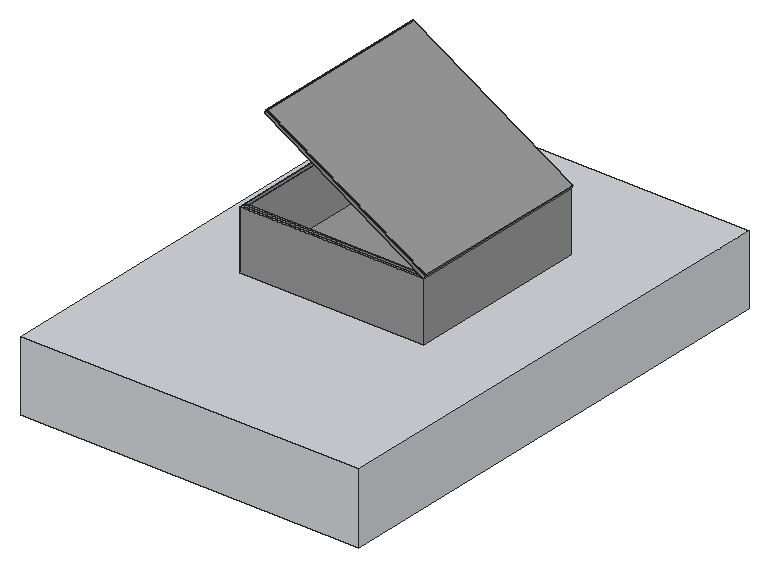
Revit family "Hager-Univers-IP55-D275-H800-Cl.II-Steel_encl-BE-fr", category Equipement électrique, Revit 2020
Family settings
  Hôte = Face
  Configuration du panneau = Deux colonnes, circuits au sein
  Cote de connecteur circulaire = Utiliser le diamètre
  Type d'élément = Tableau de raccordement
  Couper avec des vides une fois chargée = Non
  Partagée = Non
  Point de calcul de pièce = Non
Parameters (values of type "saillie IP55 L800 H800 P275  - FR53S")
  Width Control [instance] = if([EF000008 - largeur] > Min Width, [EF000008 - largeur], Min Width)  # 800 mm
  Commentaires du type = [HG000003 - Gamme]  # "Univers"
  Thickness Door [instance] = if([EF009171 - épaisseur de matériau de la porte/du couvercle] > 3 mm, 3 mm, [EF009171 - épaisseur de matériau de la porte/du couvercle])  # 1.5 mm
  Seal Frame Offset [instance] = 17 mm  # constant formula
  Plinth Visibility [instance] = [HG000027 - Hauteur du socle] > 0 mm  # no
  Model = ""
  Min Width [instance] = 100 mm  # constant formula
  Min Height [instance] = 100 mm  # constant formula
  Min Depth [instance] = (2 * [EF009170 - épaisseur de matériau du boîtier]) + 1 mm  # 4 mm
  Internal Frame Depth [instance] = (Door System Depth * 0.5)  # 9 mm
  Height Control [instance] = if([EF000040 - hauteur] > Min Height, [EF000040 - hauteur], Min Height)  # 800 mm
  HG000027 - Hauteur du socle = 0 mm
  HG000026 - Installation au sol = no
  HG000024 - Hauteur de la section basse = 800 mm
  HG000023 - Armoire double section = no
  HG000016 - Visibilité de la porte 3D [instance] = yes
  HG000015 - Visibilité de l'emprise de la porte [instance] = no
  HG000014 - Porte à droite [instance] = yes
  HG000013 - Porte à gauche [instance] = not([HG000014 - Porte à droite])  # no
  HG000012 - Angle de pivotement de la porte [instance] = 30.00°
  HG000010 - Portes asymétriques = no
  HG000009 - Porte à double battant = no
  HG000006 - Encastré = no
  HG000004 - Référence fabricant = "FR53S"
  HG000003 - Gamme = "Univers"
  HG000002 - avec porte = yes
  Frame Offset Bottom [instance] = 10 mm  # constant formula
  Frame Offset [instance] = 15 mm  # constant formula
  EF015940 - couvercle avec décharge de pression = no
  EF011959 - degré de protection (NEMA) = ""
  EF009554 - nombre d'ouvertures pour plaques à bride = 6
  Fabricant = "Hager"  # constant formula
  EF009212 - finition du couvercle = "EV000116 - fermé"
  EF009171 - épaisseur de matériau de la porte/du couvercle = 1.5 mm
  EF009170 - épaisseur de matériau du boîtier = 1.5 mm
  EF008873 - courant nominal (In) = 800 A
  EF007800 - adapté à un parafoudre = no
  EF006306 - avec serrure = no
  EF006244 - couvercle/porte transparent(e) = no
  EF005474 - indice de protection (IP) = "EV006420 - IP55"
  EF004464 - type de porte = "EV002646 - unique"
  EF004427 - nombre de modules = 180
  EF004293 - indice de protection contre les chocs (IK) = "EV008784 - IK10"
  EF003532 - convient pour utilisation à l’extérieur = no
  EF002950 - largeur en nombre de modules = 24
  EF001613 - maintien de fonction = "EV000494 - sans"
  EF001596 - matériau du boîtier/corps = "EV000179 - acier"
  EF001131 - profondeur intérieure = 275 mm
  EF001088 - possibilité de montage en saillie = yes
  EF000437 - nombre d'entrées de conduit = 6
  EF000339 - type de capot = "EV004216 - porte"
  EF000266 - nombre de rangées = 5
  EF000218 - profondeur d'encastrement = 0 mm
  EF000118 - avec cadre/support de montage = no
  EF000116 - numéro RAL = "7035"
  EF000049 - profondeur = 275 mm
  EF000040 - hauteur = 800 mm
  EF000008 - largeur = 800 mm
  EF000007 - couleur = "EV000270 - gris"
  EF000003 - mode de pose = "EV000384 - saillie"
  Door System Leaf Tolerance [instance] = 1.5 mm  # constant formula
  Door System Depth [instance] = 18 mm  # constant formula
  Door Height [instance] = Height Control - [HG000027 - Hauteur du socle]  # 800 mm
  Depth Control [instance] = if([EF000049 - profondeur] > Min Depth, [EF000049 - profondeur], Min Depth)  # 275 mm
  Default Elevation = 0 mm
  Connector Offset [instance] = Height Control / 2  # 400 mm
  Bottom Top Plate Trim [instance] = 1.5 mm  # constant formula
  Plinth height Ctrl [instance] = if([HG000027 - Hauteur du socle] > 0 mm, [HG000027 - Hauteur du socle], 12 mm)  # 12 mm
Types (5, lengths in mm): name | Width Control | HG000010 - Portes asymétriques | HG000009 - Porte à double battant | HG000004 - Référence fabricant | EF009554 - nombre d'ouvertures pour plaques à bride | EF004464 - type de porte | EF004427 - nombre de modules | EF000437 - nombre d'entrées de conduit | EF000008 - largeur
  saillie IP55 L1050 H800 P275  - FR54S | 1050 | no | yes | "FR54S" | 8 | "EV003602 - double" | 240 | 8 | 1050
  saillie IP55 L1300 H800 P275  - FR55S | 1300 | yes | yes | "FR55S" | 10 | "EV003602 - double" | 300 | 10 | 1300
  saillie IP55 L300 H800 P275  - FR51S | 300 | no | no | "FR51S" | 2 | "EV002646 - unique" | 60 | 2 | 300
  saillie IP55 L550 H800 P275  - FR52S | 550 | no | no | "FR52S" | 4 | "EV002646 - unique" | 120 | 4 | 550
  saillie IP55 L800 H800 P275  - FR53S | 800 | no | no | "FR53S" | 6 | "EV002646 - unique" | 180 | 6 | 800
Reference planes
  plane 1 "Center (Front/Back)": y = 0
  plane 2: z = 0
  plane 3 "Center (Left/Right)": x = 0
  plane 4: z = 275
  plane 5: y = 1.5
  plane 6: y = 400
  plane 7: y = 0
  plane 8: y = 800
  plane 9: z = 0
  plane 10: x = -385
  plane 11: x = 385
  plane 12: x = 383.5
  plane 13: x = -383.5
  plane 14: y = 798.5
  plane 15: x = -383
  plane 16: x = -400
  plane 17: x = 383
  plane 18: x = 400
  plane 19: x = 398.5
  plane 20: x = -398.5
  plane 21: y = 11.5
  plane 22: y = 800
  plane 23: y = 783.5
  plane 24: z = 257
  plane 25: z = 1.5
  plane 26: z = 255.5
  plane 27: z = 273.5
Forms (mm)
  Extrusion 1, solid
    sketch origin (0, 0, 0) x (1, 0, 0) y (0, 1, 0)
      loop
        line (-702.964, 1305) -> (-702.964, -811.445) -> (766.763, -811.445) -> (766.763, 1305) -> (-702.964, 1305)
    from 0 to -304.8
  Extrusion 2, solid, material "Hager_Steel_RAL7035_Light_Grey", visible <- "Plinth Visibility", detail levels medium+fine
    sketch origin (0, 0, 0) x (1, 0, 0) y (0, 1, 0)
      loop
        line (-400, 0) -> (400, 0) -> (400, 12) -> (-400, 12) -> (-400, 0)
    from 0 to 257
  Extrusion 3, solid, material "Hager_Steel_RAL7035_Light_Grey", detail levels medium+fine
    sketch origin (0, 0, 0) x (1, 0, 0) y (0, 1, 0)
      loop
        line (-400, 0) -> (400, 0) -> (400, 800) -> (-400, 800) -> (-400, 0)
    from 0 to 257
  Extrusion 4, void
    sketch origin (0, 0, 0) x (1, 0, 0) y (0, 1, 0)
      loop
        line (-398.5, 1.5) -> (398.5, 1.5) -> (398.5, 798.5) -> (-398.5, 798.5) -> (-398.5, 1.5)
    from 1.5 to 255.5
  Extrusion 5, void
    sketch origin (-381.607, -4572, 257) x (0, -1, 0) y (-1, 0, 0)
      loop
        line (-4583.5, 1.893) -> (-5355.5, 1.893) -> (-5355.5, -765.107) -> (-4583.5, -765.107) -> (-4583.5, 1.893)
    from 0 to 1.5 <- "EF009170 - épaisseur de matériau du boîtier"
  Extrusion 6, solid, material "Hager_Steel_RAL7035_Light_Grey", detail levels fine
    sketch origin (0, 0, 257) x (1, 0, 0) y (0, 1, 0)
      loop
        line (-383.5, 783.5) -> (-383.5, 11.5) -> (383.5, 11.5) -> (383.5, 783.5) -> (-383.5, 783.5)
      loop
        line (-385, 10) -> (385, 10) -> (385, 785) -> (-385, 785) -> (-385, 10)
    from 0 to 9 <- "Internal Frame Depth"
  Extrusion 7, solid, material "Hager_Steel_RAL7035_Light_Grey", detail levels coarse
    sketch origin (0, 0, 0) x (1, 0, 0) y (0, 1, 0)
      loop
        line (-400, 0) -> (400, 0) -> (400, 800) -> (-400, 800) -> (-400, 0)
    from 0 to 275
  Sweep 8, void
    path in 3D
      loop
        line (-400, 12, 0) -> (400, 12, 0) -> (400, 12, 257) -> (-400, 12, 257) -> (-400, 12, 0)
    profile origin (-400, 12, 128.5) x (-1, 0, 0) y (0, -1, 0)
      loop
        line (0, 0) -> (0, 1.5) -> (-1.5, 1.5)
        arc (-1.5, 1.5) -> (-1.061, 0.439) -> (0, 0) r 1.5
Cuts and joins
  Extrusion 4, Extrusion 5 cuts Extrusion 3
  Sweep 8 cuts Extrusion 2
Lines and regions (mm)
  Masking region 1
    outline origin (0, 0, 0) x (1, 0, 0) y (0, 0, 1)
      loop
        line (-400, 275) -> (-400, 0) -> (400, 0) -> (400, 275) -> (-400, 275)
  Masking region 2, detail levels medium+fine
    outline origin (0, 140, 0) x (0, 1, 0) y (0, 0, 1)
      loop
        line (-140, 0) -> (660, 0) -> (660, 257) -> (-140, 257) -> (-140, 0)
  Masking region 3, not visible, detail levels medium+fine
    outline origin (0, 297.922, 0) x (0, 1, 0) y (0, 0, 1)
      loop
        line (113.578, 0) -> (153.578, 0) -> (153.578, 263.5)
        arc (153.578, 263.5) -> (150.649, 270.571) -> (143.578, 273.5) r 10
        line (143.578, 273.5) -> (113.578, 273.5) -> (113.578, 0)
  Masking region 4, detail levels coarse
    outline origin (0, 0, 180) x (0, 1, 0) y (0, 0, 1)
      loop
        line (0, -180) -> (800, -180) -> (800, 95) -> (0, 95) -> (0, -180)
  Masking region 5, visible <- "Plinth Visibility", detail levels medium+fine
    outline origin (0, 52.24, 12.345) x (0, 0, -1) y (0, 1, 0)
      loop
        line (10.845, -40.24) -> (-243.155, -40.24)
        arc (-243.155, -40.24) -> (-243.594, -41.301) -> (-244.655, -41.74) r 1.5
        line (-244.655, -41.74) -> (-244.655, -52.24) -> (12.345, -52.24) -> (12.345, -41.74)
        arc (12.345, -41.74) -> (11.285, -41.301) -> (10.845, -40.24) r 1.5
  Masking region 6, detail levels medium+fine
    outline origin (-381.607, -4572, 257) x (-1, 0, 0) y (0, -1, 0)
      loop
        line (18.393, -5372) -> (18.393, -4572) -> (-781.607, -4572) -> (-781.607, -5372) -> (18.393, -5372)
  Masking region 7, visible <- "Plinth Visibility", detail levels medium+fine
    outline origin (-381.607, -4727, 257) x (-1, 0, 0) y (0, -1, 0)
      loop
        arc (16.893, -4739) -> (17.332, -4737.939) -> (18.393, -4737.5) r 1.5
        line (18.393, -4737.5) -> (18.393, -4727) -> (-781.607, -4727) -> (-781.607, -4737.5)
        arc (-781.607, -4737.5) -> (-780.546, -4737.939) -> (-780.107, -4739) r 1.5
        line (-780.107, -4739) -> (16.893, -4739)
  Masking region 8, detail levels coarse
    outline origin (-442.548, -4669.526, 257) x (-1, 0, 0) y (0, -1, 0)
      loop
        line (-42.548, -5469.526) -> (-42.548, -4669.526) -> (-842.548, -4669.526) -> (-842.548, -5469.526) -> (-42.548, -5469.526)
  sketch lines
    curve 1: line (-400, 12, 257) -> (-400, 12, 0)
    curve 2: line (400, 12, 257) -> (-400, 12, 257)
    curve 3: line (400, 12, 257) -> (400, 12, 0)
    curve 4: line (-400, 12, 0) -> (400, 12, 0)
Dimensions and locks
  "Depth Control": plane 4 to Extrusion 1
  "HG000027 - Hauteur du socle": plane 1 "Center (Front/Back)" to plane 7
  "EF009170 - épaisseur de matériau du boîtier": plane 5 to plane 7
  locked: connector elem to plane 3 "Center (Left/Right)"
  equal spacing: plane 8, plane 6, plane 7
  locked: connector elem to plane 6
  "EF009170 - épaisseur de matériau du boîtier": plane 8 to plane 14
  "EF009170 - épaisseur de matériau du boîtier": plane 10 to plane 13
  "EF009170 - épaisseur de matériau du boîtier": plane 12 to plane 11
  "Frame Offset": plane 20 to plane 13
  "Frame Offset": plane 12 to plane 19
  "EF009170 - épaisseur de matériau du boîtier": plane 16 to plane 20
  "EF009170 - épaisseur de matériau du boîtier": plane 19 to plane 18
  "Seal Frame Offset": plane 16 to plane 15
  "Seal Frame Offset": plane 17 to plane 18
  "Frame Offset Bottom": plane 21 to plane 5
  "Frame Offset": plane 14 to plane 23
  equal spacing: plane 16, plane 3 "Center (Left/Right)", plane 18
  "Width Control": plane 16 to plane 18
  "EF009170 - épaisseur de matériau du boîtier": plane 4 to plane 27
  "EF009170 - épaisseur de matériau du boîtier": plane 24 to plane 26
  "EF009170 - épaisseur de matériau du boîtier": plane 25 to level
  "Door System Depth": plane 4 to plane 24
  "Height Control": plane 1 "Center (Front/Back)" to Extrusion 7 sketch curve
  "Height Control": Masking region 4 sketch curve to plane 1 "Center (Front/Back)"
  "Height Control": plane 1 "Center (Front/Back)" to plane 22
  "Bottom Top Plate Trim": profile plane to Sweep 8 sketch curve
  "Bottom Top Plate Trim": Sweep 8 sketch curve to profile plane
  "Plinth height Ctrl": plane 1 "Center (Front/Back)" to Extrusion 2 sketch curve
  "Plinth height Ctrl": Masking region 5 sketch curve to plane 1 "Center (Front/Back)"
  "Plinth height Ctrl": plane 1 "Center (Front/Back)" to Masking region 7 sketch curve
  "Thickness Door": Extrusion 6 sketch curve to Extrusion 6 sketch curve  (x3)
  "Thickness Door": cut or joined group of Extrusion 3, Extrusion 4, Extrusion 5 to Extrusion 6 sketch curve
  radius of Masking region 3 sketch curve = 10 mm
  "Bottom Top Plate Trim": radius of Masking region 5 sketch curve  (x2)
  "Bottom Top Plate Trim": radius of Sweep 8 sketch curve
  "Bottom Top Plate Trim": radius of Masking region 7 sketch curve  (x2)
  aligned and locked: plane 2 to Extrusion 1
  aligned and locked: level to Extrusion 1
  aligned and locked: level to Masking region 1 sketch curve
  aligned and locked: Masking region 1 sketch curve to plane 18
  aligned and locked: Masking region 1 sketch curve to plane 16
  aligned and locked: plane 7 to Masking region 2 sketch curve
  aligned and locked: level to Masking region 3 sketch curve
  aligned and locked: Masking region 3 sketch curve to plane 27
  aligned and locked: level to Masking region 2 sketch curve
  aligned and locked: plane 1 "Center (Front/Back)" to Extrusion 2 sketch curve
  aligned and locked: Extrusion 3 sketch curve to plane 7
  aligned and locked: plane 16 to Extrusion 3 sketch curve
  aligned and locked: plane 18 to Extrusion 3 sketch curve
  aligned and locked: plane 20 to Extrusion 4 sketch curve
  aligned and locked: plane 19 to Extrusion 4 sketch curve
  aligned and locked: Extrusion 4 sketch curve to plane 5
  aligned and locked: Extrusion 4 to plane 25
  aligned and locked: plane 26 to Extrusion 4
  aligned and locked: plane 24 to Extrusion 3
  aligned and locked: Extrusion 5 sketch curve to plane 21
  aligned and locked: Extrusion 5 sketch curve to plane 13
  aligned and locked: Extrusion 5 sketch curve to plane 12
  aligned and locked: plane 18 to Extrusion 7 sketch curve
  aligned and locked: plane 1 "Center (Front/Back)" to Extrusion 7 sketch curve
  aligned and locked: plane 16 to Extrusion 7 sketch curve
  aligned and locked: plane 4 to Extrusion 7
  aligned and locked: Extrusion 7 to level
  aligned and locked: level to Masking region 4 sketch curve
  aligned and locked: Masking region 4 sketch curve to plane 1 "Center (Front/Back)"
  aligned and locked: Masking region 4 sketch curve to plane 4
  aligned and locked: nested 1 to level
  aligned and locked: nested 1 to plane 16
  aligned and locked: plane 8 to Extrusion 3 sketch curve
  aligned and locked: plane 23 to Extrusion 5 sketch curve
  aligned and locked: plane 14 to Extrusion 4 sketch curve
  aligned and locked: Masking region 2 sketch curve to plane 8
  aligned and locked: level to Masking region 5 sketch curve
  aligned and locked: plane 16 to Extrusion 2 sketch curve
  aligned and locked: plane 18 to Extrusion 2 sketch curve
  aligned and locked: Masking region 5 sketch curve to plane 24
  aligned and locked: Masking region 2 sketch curve to plane 24
  aligned and locked: plane 24 to Extrusion 2
  aligned and locked: profile plane to Sweep 8 sketch curve  (x2)
  aligned and locked: Masking region 6 sketch curve to plane 18
  aligned and locked: Masking region 6 sketch curve to plane 22
  aligned and locked: Masking region 6 sketch curve to plane 16
  aligned and locked: plane 8 to plane 22
  aligned and locked: Masking region 6 sketch curve to plane 7
  aligned and locked: Masking region 7 sketch curve to plane 16
  aligned and locked: Masking region 7 sketch curve to plane 1 "Center (Front/Back)"
  aligned and locked: Masking region 7 sketch curve to plane 18
  aligned and locked: Masking region 8 sketch curve to plane 1 "Center (Front/Back)"
  aligned and locked: Masking region 8 sketch curve to plane 18
  aligned and locked: Masking region 8 sketch curve to plane 22
  aligned and locked: Masking region 8 sketch curve to plane 16
  aligned and locked: nested 2 to plane 7
  aligned and locked: plane 3 "Center (Left/Right)" to nested 2
  aligned and locked: nested 2 to plane 24
  aligned and locked: Extrusion 6 sketch curve to cut or joined group of Extrusion 3, Extrusion 4, Extrusion 5  (x4)
Automatic sketch dimensions
  Extrusion 1 sketch curve to Extrusion 1 sketch curve = 1469.727 mm
  Extrusion 1 sketch curve to Extrusion 1 sketch curve = 2116.445 mm
  Masking region 1 sketch curve to plane 4 = 0 mm
  plane 6 to Masking region 3 sketch curve = 11.5 mm
  Masking region 3 sketch curve to Masking region 3 sketch curve = 30 mm
  Masking region 5 sketch curve to plane 1 "Center (Front/Back)" = 0 mm
Nested families
  nested 1: "Hager_Enclosure_Symbol" at (-400, 0, 0) x (1, 0, 0) z (0, -1, 0), Height <- "Depth Control", Width <- "Width Control", type "Hager_Enclosure_Symbol"
    with Width_Ctrl 800 mm, Width 800 mm, Height_Ctrl 275 mm, Height 275 mm, A_Width_Int 18.047 mm, A_Width 216.562 mm, A_Height_Ctrl 240.625 mm, A_Height 240.625 mm
  nested 2: "EC000058_Univers_Door" at (0, 0, 257) x (1, 0, 0) z (0, 1, 0), Leaf_Tolerance <- "Door System Leaf Tolerance", Angle <- "HG000012 - Angle de pivotement de la porte", Door_Depth <- "Door System Depth", Door_Left <- "HG000013 - Porte à gauche", Transparent <- "EF006244 - couvercle/porte transparent(e)", Assymetrical <- "HG000010 - Portes asymétriques", Width <- "Width Control", Clearance <- "HG000015 - Visibilité de l'emprise de la porte", Double <- "HG000009 - Porte à double battant", 3d_Door <- "HG000016 - Visibilité de la porte 3D", Lock_Visibility <- "EF006306 - avec serrure", Width_Ctrl <- "Width Control", Door_Right <- "HG000014 - Porte à droite", Door <- "HG000002 - avec porte", Height <- "Door Height", Thickness <- "Thickness Door", type "EC000058_Univers_Door", detail levels medium+fine
    with min_wh 4 mm, Width_Ctrl 800 mm, Width 800 mm, Transparent no, Thickness 1.5 mm, Seal_Material Hager_Rubber, Lock_Visibility no, Lock_Material Hager_Plastic_RAL9005_Jet_Black, Leaf_Width 800 mm, Leaf_Tolerance_External_Sides 0 mm, Leaf_Tolerance 1.5 mm, Leaf_Offset 0 mm, Leaf_Height 797 mm, Leaf_2_Width 800 mm, Leaf_2_Offset 400 mm, Leaf_1_Width 800 mm, Leaf_1_Offset 400 mm, Height_Ctrl 800 mm, Height 800 mm, Glass_Material Hager_Glass, Double_Clearance_Ctrl no, Double no, Door_Right_Ctrl yes, Door_Right yes, Door_Material Hager_Steel_RAL7035_Light_Grey, Door_Left_Ctrl no, Door_Left no, Door_Depth 18 mm, Door yes, Clearance_Material Hager_Clearance, Clearance_Depth 800 mm, Clearance_Ctrl no, Clearance no, Assymetrical no, Angle 30.00°, 3d_Door yes
Connectors
  electrical at (0, 400, 0)
    settings: on plane 9, index 1, voltage 0 V, apparent load 0 VA, apparent load phase1 0 VA, apparent load phase2 0 VA, apparent load phase3 0 VA, power factor 1, load classification "Other", number of poles 1, system type 30, power factor state 1, is connector primary yes, connector utility no, sub classification motor no, connector description ""
Definition of nested family "EC000058_Univers_Door"
  Parameters (values of type "EC000058_Univers_Door")
    min_wh [instance] = (2 * Thickness) + 1 mm  # 11 mm
    Width_Ctrl [instance] = 400 mm
    Width [instance] = 500 mm
    Transparent [instance] = yes
    Thickness [instance] = 5 mm
    Seal_Material [instance] = none
    Lock_Visibility [instance] = yes
    Lock_Material [instance] = none
    Leaf_Width [instance] = if((Width_Ctrl - 2 * Leaf_Tolerance_External_Sides) > 0 mm, (Width_Ctrl - 2 * Leaf_Tolerance_External_Sides), min_wh)  # 400 mm
    Leaf_Tolerance_External_Sides [instance] = 0 mm  # constant formula
    Leaf_Tolerance [instance] = 1.5 mm
    Leaf_Offset [instance] = 0 mm  # constant formula
    Leaf_Height [instance] = if((Height_Ctrl - 2 * Leaf_Tolerance) > 0 mm, (Height_Ctrl - 2 * Leaf_Tolerance), min_wh)  # 497 mm
    Leaf_2_Width [instance] = if(and(and(Double, Assymetrical), Door_Left), (Leaf_Width / 3) - (Leaf_Tolerance / 2), if(and(and(Double, Assymetrical), Door_Right), (Leaf_Width / 3) * 2 - (Leaf_Tolerance / 2), if(and(Double, not(Assymetrical)), (Leaf_Width / 2) - Leaf_Tolerance, Leaf_Width)))  # 400 mm
    Leaf_2_Offset [instance] = if(and(Double, Assymetrical), Leaf_2_Width / 2, if(and(Double, not(Assymetrical)), Leaf_Width / 4, Leaf_Width / 2))  # 200 mm
    Leaf_1_Width [instance] = if(and(and(Double, Assymetrical), Door_Right), (Leaf_Width / 3) - (Leaf_Tolerance / 2), if(and(and(Double, Assymetrical), Door_Left), (Width / 3) * 2 - (Leaf_Tolerance / 2), if(and(Double, not(Assymetrical)), (Leaf_Width / 2) - Leaf_Tolerance, Leaf_Width)))  # 400 mm
    Leaf_1_Offset [instance] = if(and(Double, Assymetrical), Leaf_1_Width / 2, if(and(Double, not(Assymetrical)), Leaf_Width / 4, Leaf_Width / 2))  # 200 mm
    Height_Ctrl [instance] = if(Height > min_wh, Height, min_wh)  # 500 mm
    Height [instance] = 500 mm
    Glass_Material [instance] = none
    Double_Clearance_Ctrl [instance] = and(Double, Clearance)  # no
    Double [instance] = no
    Door_Right_Ctrl [instance] = and(or(Door_Right, Double), Door)  # yes
    Door_Right [instance] = yes
    Door_Material [instance] = none
    Door_Left_Ctrl [instance] = and(or(Door_Left, Double), Door)  # no
    Door_Left [instance] = no
    Door_Depth [instance] = 30 mm
    Door [instance] = yes
    Default Elevation = 1219.2 mm
    Clearance_Material [instance] = none
    Clearance_Depth [instance] = if(Leaf_1_Width > Leaf_2_Width, Leaf_1_Width, Leaf_2_Width)  # 400 mm
    Clearance_Ctrl [instance] = and(not(Double), Clearance)  # yes
    Clearance [instance] = yes
    Assymetrical [instance] = yes
    Angle [instance] = 30.00°
    3d_Door [instance] = yes
  Reference planes
    plane 1 "Center (Front/Back)": y = 0
    plane 2 "Bottom": z = 0
    plane 3 "Center (Left/Right)": x = 0
    plane 4: z = 500
    plane 5: x = -200
    plane 6: x = 200
    plane 7: z = 500
    plane 8: x = -200
    plane 9: z = 0
    plane 10: x = 200
    plane 11: y = 0
    plane 12: z = 1.5
    plane 13: x = -600
    plane 14: y = -400
    plane 15: x = 600
    plane 16: x = 0
    plane 17: x = 0
    plane 18: x = -200
    plane 19: x = 200
    plane 20: z = 498.5
  Forms (mm)
    Extrusion 1, solid, material <- "Clearance_Material", visible <- "Double_Clearance_Ctrl"
      sketch origin (1200, 0, 0) x (1, 0, 0) y (0, 0, -1)
        loop
          line (-1800, -498.5) -> (-600, -498.5) -> (-600, 0) -> (-1800, 0) -> (-1800, -498.5)
      from 0 to -400
  Dimensions and locks
    equal spacing: plane 5, plane 3 "Center (Left/Right)", plane 6
    "Width_Ctrl": plane 5 to plane 6
    "Leaf_Offset": plane 5 to plane 8
    "Leaf_Offset": plane 6 to plane 10
    "Leaf_Offset": plane 9 to level
    "Leaf_Offset": plane 4 to plane 7
    "Height_Ctrl": plane 4 to level
    "Leaf_Tolerance": plane 12 to plane 9
    locked: plane 11 to plane 1 "Center (Front/Back)"
    "Leaf_1_Offset": plane 18 to plane 16
    "Leaf_2_Offset": plane 17 to plane 19
    "Leaf_1_Width": plane 13 to plane 8
    "Leaf_2_Width": plane 10 to plane 15
    "Clearance_Depth": plane 14 to plane 1 "Center (Front/Back)"
    "Leaf_Tolerance_External_Sides": plane 8 to plane 18
    "Leaf_Tolerance_External_Sides": plane 19 to plane 10
    "Leaf_Tolerance": plane 7 to plane 20
    aligned and locked: level to plane 2 "Bottom"
    aligned and locked: nested 1 to plane 16
    aligned and locked: nested 2 to plane 17
    aligned and locked: Extrusion 1 to plane 13
    aligned and locked: plane 15 to Extrusion 1
    aligned and locked: Extrusion 1 to plane 14
    aligned and locked: plane 12 to nested 1
    aligned and locked: nested 2 to plane 12
    aligned and locked: Extrusion 1 to plane 11
    aligned and locked: plane 20 to Extrusion 1
    aligned and locked: nested 2 to plane 11
    aligned and locked: nested 1 to plane 11
  Automatic sketch dimensions
    Extrusion 1 sketch curve to level = 0 mm
    plane 5 to Extrusion 1 sketch curve = 400 mm
    plane 6 to Extrusion 1 sketch curve = 400 mm
    Extrusion 1 sketch curve to plane 4 = 1.5 mm
  Nested families
    nested 1: "EC000058_Univers_Door_Leaf" at (0, 0, 1.5), Width <- "Leaf_1_Width", visible <- "Door_Left_Ctrl", Leaf_Height <- "Leaf_Height", Angle <- "Angle", 3d_Door <- "3d_Door", Transparent <- "Transparent", Clearance Material <- "Clearance_Material", Clearance <- "Clearance_Ctrl", Door_Material <- "Door_Material", Glass_Material <- "Glass_Material", Door_Depth <- "Door_Depth", Lock_Material <- "Lock_Material", Seal_Material <- "Seal_Material", Lock_Visibility <- "Lock_Visibility", Thickness <- "Thickness", type "EC000058_Univers_Door_Leaf"
      with Width 400 mm, Transparent_Glass_Offset 30 mm, Transparent_Ctrl yes, Transparent yes, Thickness 5 mm, Standard no, Seal_Material none, Seal_D2 8 mm, Seal_D1 1 mm, Offset_Internal_Frame 10 mm, Lock_Width 20 mm, Lock_Visibility_3d yes, Lock_Visibility yes, Lock_Thickness_3 3 mm, Lock_Thickness_2 1 mm, Lock_Thickness_1 3 mm, Lock_Radius_Offset_2 16 mm, Lock_Radius_Offset_1 15 mm, Lock_Radius_2 5 mm, Lock_Radius 6 mm, Lock_Offset 5 mm, Lock_Material none, Lock_Height 80 mm, Lock_Cover_Top_Offset_2d 17 mm, Lock_Cover_Height -65 mm, Leaf_Height 497 mm, Internal_Seal_Thickness 8 mm, Internal_Seal_Depth_2 4.5 mm, Internal_Frame_Depth 25 mm, Glass_Thickness -1 mm, Glass_Offset -2 mm, Glass_Material none, Door_Material none, Door_Depth 30 mm, Clearance Material none, Clearance yes, Angle_Ctrl 30.00°, Angle 30.00°, 3d_Door yes
    nested 2: "EC000058_Univers_Door_Leaf" at (0, 0, 1.5) x (-1, 0, 0) z (0, 0, 1), Width <- "Leaf_2_Width", visible <- "Door_Right_Ctrl", Leaf_Height <- "Leaf_Height", Angle <- "Angle", 3d_Door <- "3d_Door", Transparent <- "Transparent", Clearance Material <- "Clearance_Material", Clearance <- "Clearance_Ctrl", Door_Material <- "Door_Material", Glass_Material <- "Glass_Material", Door_Depth <- "Door_Depth", Lock_Material <- "Lock_Material", Seal_Material <- "Seal_Material", Lock_Visibility <- "Lock_Visibility", Thickness <- "Thickness", type "EC000058_Univers_Door_Leaf"
      with Width 400 mm, Transparent_Glass_Offset 30 mm, Transparent_Ctrl yes, Transparent yes, Thickness 5 mm, Standard no, Seal_Material none, Seal_D2 8 mm, Seal_D1 1 mm, Offset_Internal_Frame 10 mm, Lock_Width 20 mm, Lock_Visibility_3d yes, Lock_Visibility yes, Lock_Thickness_3 3 mm, Lock_Thickness_2 1 mm, Lock_Thickness_1 3 mm, Lock_Radius_Offset_2 16 mm, Lock_Radius_Offset_1 15 mm, Lock_Radius_2 5 mm, Lock_Radius 6 mm, Lock_Offset 5 mm, Lock_Material none, Lock_Height 80 mm, Lock_Cover_Top_Offset_2d 17 mm, Lock_Cover_Height -65 mm, Leaf_Height 497 mm, Internal_Seal_Thickness 8 mm, Internal_Seal_Depth_2 4.5 mm, Internal_Frame_Depth 25 mm, Glass_Thickness -1 mm, Glass_Offset -2 mm, Glass_Material none, Door_Material none, Door_Depth 30 mm, Clearance Material none, Clearance yes, Angle_Ctrl 30.00°, Angle 30.00°, 3d_Door yes
  Definition of nested family "EC000058_Univers_Door_Leaf"
    Parameters (values of type "EC000058_Univers_Door_Leaf")
      Width [instance] = 2000 mm
      Transparent_Glass_Offset [instance] = 30 mm
      Transparent_Ctrl [instance] = and(Transparent, [3d_Door])  # yes
      Transparent [instance] = yes
      Thickness [instance] = 5 mm
      Standard [instance] = and(not(Transparent), [3d_Door])  # no
      Seal_Material [instance] = none
      Seal_D2 [instance] = 8 mm  # constant formula
      Seal_D1 [instance] = 1 mm  # constant formula
      Offset_Internal_Frame [instance] = 10 mm  # constant formula
      Lock_Width [instance] = 20 mm  # constant formula
      Lock_Visibility_3d [instance] = and(Lock_Visibility, [3d_Door])  # yes
      Lock_Visibility [instance] = yes
      Lock_Thickness_3 [instance] = 3 mm  # constant formula
      Lock_Thickness_2 [instance] = 1 mm  # constant formula
      Lock_Thickness_1 [instance] = 3 mm  # constant formula
      Lock_Radius_Offset_2 [instance] = Lock_Radius_Offset_1 + 1 mm  # 16 mm
      Lock_Radius_Offset_1 [instance] = 15 mm  # constant formula
      Lock_Radius_2 [instance] = Lock_Radius - 1 mm  # 5 mm
      Lock_Radius [instance] = 6 mm  # constant formula
      Lock_Offset [instance] = 5 mm  # constant formula
      Lock_Material [instance] = none
      Lock_Height [instance] = 80 mm  # constant formula
      Lock_Cover_Top_Offset_2d [instance] = Lock_Radius_Offset_2 + 1 mm  # 17 mm
      Lock_Cover_Height [instance] = -(Lock_Height - Lock_Radius_Offset_1)  # -65 mm
      Leaf_Height [instance] = 2720.336 mm
      Internal_Seal_Thickness [instance] = 8 mm  # constant formula
      Internal_Seal_Depth_2 [instance] = 4.5 mm  # constant formula
      Internal_Frame_Depth [instance] = if(Door_Depth - Thickness > 5 mm, Door_Depth - Thickness, 5 mm)  # 25 mm
      Glass_Thickness [instance] = if(Thickness > 15 mm, Glass_Offset + 10 mm, -1 mm)  # -1 mm
      Glass_Offset [instance] = if(Thickness > 15 mm, -(Thickness + 10 mm) / 2, -2 mm)  # -2 mm
      Glass_Material [instance] = none
      Door_Material [instance] = none
      Door_Depth [instance] = 30 mm
      Default Elevation = 0 mm
      Clearance Material [instance] = none
      Clearance [instance] = yes
      Angle_Ctrl [instance] = if(Angle > 180.00°, 180.00°, Angle)  # 90.00°
      Angle [instance] = 90.00°
      3d_Door [instance] = yes
    Reference planes
      plane 1 "Center (Front/Back)": y = 0
      plane 2: z = 0
      plane 3 "Center (Left/Right)": x = 0
      plane 4: y = 2000
      plane 5: x = -1000
      plane 6: x = 1000
      plane 7: x = -3000
      plane 8: z = 2720.336
      plane 9: z = 30
      plane 10: z = 2690.336
      plane 11: x = 970
      plane 12: x = -970
      plane 13: y = -3
      plane 14: z = 107.833
      plane 15: y = -5
      plane 16: y = -223.314
      plane 17: x = -1000
      plane 18: z = 1360.168
      plane 19: y = 30
    Forms (mm)
      Extrusion 1, solid, material <- "Clearance Material", visible <- "Clearance"
        sketch origin (0, 0, 0) x (1, 0, 0) y (0, 0, 1)
          loop
            line (-3000, 2720.336) -> (-3000, 0) -> (1000, 0) -> (1000, 2720.336) -> (-3000, 2720.336)
        from 0 to -2000
      Extrusion 2, solid, material <- "Door_Material", visible <- "Standard", detail levels medium+fine
        sketch origin (-1000, 0, 0) x (0, 1, 0) y (-1, 0, 0)
          loop
            line (0, 30) -> (0, 25) -> (2000, 25) -> (2000, 30) -> (0, 30)
        from 0 to 2720.336 <- "Leaf_Height"
      Extrusion 3, solid, material <- "Door_Material", visible <- "Transparent_Ctrl", detail levels medium+fine
        sketch origin (-1000, 0, 0) x (0, 1, 0) y (-1, 0, 0)
          loop
            line (0, 25) -> (2000, 25) -> (2000, 30) -> (0, 30) -> (0, 25)
        from 0 to 2720.336 <- "Leaf_Height"
      Extrusion 4, void
        sketch origin (-1025, 2000, 0) x (0, 1, 0) y (0, 0, -1)
          loop
            line (-30, -2690.336) -> (-30, -30) -> (-1970, -30) -> (-1970, -2690.336) -> (-30, -2690.336)
        from 0 to 5 <- "Thickness"
      Sweep 5, solid, material <- "Seal_Material", visible <- "Transparent_Ctrl", detail levels fine
        path in 3D
          loop
            line (-1025, 30, 30) -> (-1025, 30, 2690.336) -> (-1025, 1970, 2690.336) -> (-1025, 1970, 30) -> (-1025, 30, 30)
        profile origin (-1025, 1000, 30) x (1, 0, 0) y (0, 0, 1)
          loop
            line (0, 0) -> (0, -8) -> (1, -8) -> (1, 0) -> (0, 0)
      Extrusion 6, solid, material <- "Glass_Material", visible <- "Transparent_Ctrl", detail levels medium+fine
        sketch origin (-1030, 0, 0) x (0, 1, 0) y (0, 0, -1)
          loop
            line (1970, -2690.336) -> (1970, -30) -> (30, -30) -> (30, -2690.336) -> (1970, -2690.336)
        from -2 <- "Glass_Offset" to -1 <- "Glass_Thickness"
      Extrusion 7, solid, material <- "Door_Material", visible <- "3d_Door", detail levels medium+fine
        sketch origin (-1025, 2000, 0) x (0, -1, 0) y (0, 0, -1)
          loop
            line (0, -2720.336) -> (2000, -2720.336) -> (2000, 0) -> (0, 0) -> (0, -2720.336)
          loop
            line (1995, -5) -> (5, -5) -> (5, -2715.336) -> (1995, -2715.336) -> (1995, -5)
        from 0 to 25 <- "Internal_Frame_Depth"
      Sweep 8, solid, material <- "Seal_Material", visible <- "Transparent_Ctrl", detail levels fine
        path in 3D
          loop
            line (-1025, 0, 0) -> (-1025, 2000, 0) -> (-1025, 2000, 2720.336) -> (-1025, 0, 2720.336) -> (-1025, 0, 0)
        profile origin (-1025, 0, 1360.168) x (1, 0, 0) y (0, 1, 0)
          loop
            line (0, 10) -> (2.975, 10)
            arc (2.975, 10) -> (4.053, 10.447) -> (4.5, 11.525) r 1.525
            line (4.5, 11.525) -> (4.5, 16.527)
            arc (4.5, 16.527) -> (4.069, 17.569) -> (3.027, 18) r 1.473
            line (3.027, 18) -> (0, 18) -> (0, 10)
      Extrusion 9, solid, material <- "Lock_Material", visible <- "Lock_Visibility_3d", detail levels fine
        sketch origin (-1030, 0, 0) x (0, 1, 0) y (0, 0, -1)
          loop
            arc (1993.5, -1400.168) -> (1994.561, -1399.729) -> (1995, -1398.668) r 1.5
            line (1995, -1398.668) -> (1995, -1320.168) -> (1975, -1320.168) -> (1975, -1398.668)
            arc (1975, -1398.668) -> (1975.439, -1399.729) -> (1976.5, -1400.168) r 1.5
            line (1976.5, -1400.168) -> (1993.5, -1400.168)
        from 3 <- "Lock_Thickness_1" to 0
      Blend 10, solid, material <- "Lock_Material", visible <- "Lock_Visibility_3d", detail levels fine
        base sketch origin (-1033, 0, 0) x (0, 1, 0) y (0, 0, -1)
          loop
            line (1975, -1320.168) -> (1975, -1398.668)
            arc (1975, -1398.668) -> (1975.439, -1399.729) -> (1976.5, -1400.168) r 1.5
            line (1976.5, -1400.168) -> (1993.5, -1400.168)
            arc (1993.5, -1400.168) -> (1994.561, -1399.729) -> (1995, -1398.668) r 1.5
            line (1995, -1398.668) -> (1995, -1320.168) -> (1975, -1320.168)
        top sketch origin (-1033, 0, 0) x (0, 1, 0) y (0, 0, -1)
          loop
            line (1976, -1320.168) -> (1976, -1398.668)
            arc (1976, -1398.668) -> (1976.146, -1399.022) -> (1976.5, -1399.168) r 0.5
            line (1976.5, -1399.168) -> (1993.5, -1399.168)
            arc (1993.5, -1399.168) -> (1993.854, -1399.022) -> (1994, -1398.668) r 0.5
            line (1994, -1398.668) -> (1994, -1320.168) -> (1976, -1320.168)
        from 0 to 1 <- "Lock_Thickness_2"
      Blend 11, solid, material <- "Lock_Material", visible <- "Lock_Visibility_3d", detail levels fine
        base sketch origin (-1034, 0, 0) x (0, 1, 0) y (0, 0, -1)
          loop
            line (1978, -1320.168) -> (1978, -1384.168)
            arc (1978, -1384.168) -> (1985, -1391.168) -> (1992, -1384.168) r 7
            line (1992, -1384.168) -> (1992, -1320.168) -> (1978, -1320.168)
        top sketch origin (-1034, 0, 0) x (0, 1, 0) y (0, 0, -1)
          loop
            line (1991, -1320.168) -> (1979, -1320.168) -> (1979, -1383.168)
            arc (1979, -1383.168) -> (1985, -1389.168) -> (1991, -1383.168) r 6
            line (1991, -1383.168) -> (1991, -1320.168)
        from 0 to 3 <- "Lock_Thickness_3"
      Extrusion 12, solid, material <- "Lock_Material", visible <- "Lock_Visibility_3d", detail levels fine
        sketch origin (-1030, 1975, 1320.168) x (1, 0, 0) y (0, -1, 0)
          loop
            line (-7, -19) -> (-7, -1) -> (0, -1) -> (0, 0) -> (-8, 0) -> (-8, -20) -> (0, -20) -> (0, -19) -> (-7, -19)
        from 0 to -65 <- "Lock_Cover_Height"
      Extrusion 13, void
        sketch origin (-1038, 1995, 1320.168) x (-1, 0, 0) y (0, 0, -1)
          loop
            line (-5, -65) -> (0, -65) -> (-5, -60) -> (-5, -65)
        from 0 to 20 <- "Lock_Width"
      Extrusion 14, void
        sketch origin (-1038, 1975, 1320.168) x (0, -1, 0) y (0, 0, -1)
          loop
            circle (-10, -15.995) r 6
          loop
            circle (-10, -15.995) r 5
        from 0 to 2
      Extrusion 15, solid, material <- "Lock_Material", visible <- "Lock_Visibility_3d", detail levels medium
        sketch origin (-1030, 0, 0) x (0, 1, 0) y (0, 0, -1)
          loop
            arc (1993.5, -1400.168) -> (1994.561, -1399.729) -> (1995, -1398.668) r 1.5
            line (1995, -1398.668) -> (1995, -1320.168) -> (1975, -1320.168) -> (1975, -1398.668)
            arc (1975, -1398.668) -> (1975.439, -1399.729) -> (1976.5, -1400.168) r 1.5
            line (1976.5, -1400.168) -> (1993.5, -1400.168)
        from 8 to 0
    Cuts and joins
      Extrusion 4 cuts Extrusion 3
      Extrusion 13, Extrusion 14 cuts Extrusion 9
      Extrusion 14 cuts Blend 11
      Extrusion 13, Extrusion 14 cuts Extrusion 12
      joined: Extrusion 9, Blend 10, Blend 11, Extrusion 12
      Extrusion 14 cuts Extrusion 15
    Lines and regions (mm)
      Masking region 1, visible <- "Lock_Visibility", detail levels fine
        outline origin (0, 0, 0) x (0, 1, 0) y (0, 0, 1)
          loop
            line (30, 1320.168) -> (33, 1320.168) -> (33, 1400.168) -> (30, 1400.168) -> (30, 1320.168)
      Masking region 2, visible <- "Lock_Visibility", detail levels fine
        outline origin (0, 3.143, 0) x (0, 1, 0) y (0, 0, 1)
          loop
            line (29.857, 1354.168) -> (30.857, 1354.168) -> (30.857, 1366.168) -> (29.857, 1366.168) -> (29.857, 1354.168)
      Masking region 3, detail levels medium+fine
        outline origin (0, 0, 0) x (0, 1, 0) y (0, 0, 1)
          loop
            line (0, 0) -> (30, 0) -> (30, 2720.336) -> (0, 2720.336) -> (0, 0)
      Masking region 4, detail levels medium+fine
        outline origin (0, 0, 0) x (1, 0, 0) y (0, 0, 1)
          loop
            line (-1000, 2720.336) -> (-1000, 0) -> (1000, 0) -> (1000, 2720.336) -> (-1000, 2720.336)
      Masking region 5, visible <- "Lock_Visibility", detail levels fine
        outline origin (-47.116, 0, 0) x (1, 0, 0) y (0, 0, 1)
          loop
            arc (1024.616, 1399.168) -> (1023.556, 1398.729) -> (1023.116, 1397.668) r 1.5
            line (1023.116, 1397.668) -> (1023.116, 1320.168) -> (1041.116, 1320.168) -> (1041.116, 1397.668)
            arc (1041.116, 1397.668) -> (1040.677, 1398.729) -> (1039.616, 1399.168) r 1.5
            line (1039.616, 1399.168) -> (1024.616, 1399.168)
      Masking region 6, visible <- "Lock_Visibility", detail levels medium+fine
        outline origin (-25, 0, 0) x (1, 0, 0) y (0, 0, 1)
          loop
            arc (1001.5, 1400.168) -> (1000.439, 1399.729) -> (1000, 1398.668) r 1.5
            line (1000, 1398.668) -> (1000, 1320.168) -> (1020, 1320.168) -> (1020, 1398.668)
            arc (1020, 1398.668) -> (1019.561, 1399.729) -> (1018.5, 1400.168) r 1.5
            line (1018.5, 1400.168) -> (1001.5, 1400.168)
      Masking region 7, visible <- "Lock_Visibility", detail levels fine
        outline origin (-73.735, 0, 0) x (1, 0, 0) y (0, 0, 1)
          loop
            line (1051.735, 1382.168) -> (1065.735, 1382.168) -> (1065.735, 1384.168)
            arc (1065.735, 1384.168) -> (1058.735, 1391.168) -> (1051.735, 1384.168) r 7
            line (1051.735, 1384.168) -> (1051.735, 1382.168)
      Masking region 8, visible <- "Lock_Visibility", detail levels fine
        outline origin (-73.735, 0, 0) x (1, 0, 0) y (0, 0, 1)
          loop
            line (1052.735, 1382.168) -> (1064.735, 1382.168) -> (1064.735, 1383.168)
            arc (1064.735, 1383.168) -> (1058.735, 1389.168) -> (1052.735, 1383.168) r 6
            line (1052.735, 1383.168) -> (1052.735, 1382.168)
      Masking region 9, visible <- "Lock_Visibility", detail levels fine
        outline origin (-25, 0, 0) x (1, 0, 0) y (0, 0, 1)
          loop
            line (1020, 1320.168) -> (1020, 1382.168) -> (1000, 1382.168) -> (1000, 1320.168) -> (1020, 1320.168)
      Masking region 10, detail levels medium+fine
        outline origin (0, 0, 0) x (1, 0, 0) y (0, 0, 1)
          loop
            circle (985, 1335.144) r 6
      Masking region 11, detail levels fine
        outline origin (0, 0, 0) x (1, 0, 0) y (0, 0, 1)
          loop
            circle (985, 1335.144) r 5
      Masking region 12, visible <- "Lock_Visibility", detail levels fine
        outline origin (0, 12.767, 0) x (0, 1, 0) y (0, 0, 1)
          loop
            line (20.233, 1320.168) -> (21.233, 1320.168) -> (21.233, 1399.168) -> (20.233, 1400.168) -> (20.233, 1320.168)
      Masking region 13, visible <- "Lock_Visibility", detail levels fine
        outline origin (0, 13.767, -10) x (0, 1, 0) y (0, 0, 1)
          loop
            line (20.233, 1330.168) -> (23.233, 1330.168) -> (23.233, 1399.168) -> (20.233, 1402.168) -> (20.233, 1330.168)
      Masking region 14, visible <- "Lock_Visibility", detail levels fine
        outline origin (0, 12.767, -10) x (0, 1, 0) y (0, 0, 1)
          loop
            line (20.233, 1330.168) -> (25.233, 1330.168) -> (25.233, 1399.305) -> (20.233, 1394.305) -> (20.233, 1330.168)
      Masking region 15, visible <- "Lock_Visibility", detail levels medium
        outline origin (0, 0, 0) x (0, 1, 0) y (0, 0, 1)
          loop
            line (30, 1320.168) -> (38, 1320.168) -> (38, 1400.168) -> (30, 1400.168) -> (30, 1320.168)
      Masking region 16, visible <- "Lock_Visibility", detail levels fine
        outline origin (-1000, 0, 0) x (0, 1, 0) y (-1, 0, 0)
          loop
            line (1975, 30) -> (1995, 30) -> (1995, 38) -> (1975, 38) -> (1975, 30)
          loop
            line (1979, 37) -> (1976, 37) -> (1976, 34) -> (1978, 34) -> (1979, 37)
          loop
            line (1994, 37) -> (1991, 37) -> (1992, 34) -> (1994, 34) -> (1994, 37)
      Masking region 17, visible <- "Lock_Visibility", detail levels medium
        outline origin (-1000, 0, 0) x (0, 1, 0) y (-1, 0, 0)
          loop
            line (1975, 30) -> (1995, 30) -> (1995, 38) -> (1975, 38) -> (1975, 30)
      symbolic lines
        curve 1: line (1000, 0, 0) -> (-3000, 0, 0)
        curve 2: arc (1000, 0, 0) -> (-1000, 2000, 0) -> (-3000, 0, 0) r 2000
        curve 4: line (-1030, 0, 0) -> (-1030, 2000, 0)
      reference lines
        curve 3: line (-1000, 0, 0) -> (-1000, 2000, 0)
      symbolic lines, detail levels medium+fine
        curve 5: line (-1030, 2000, 0) -> (-1025, 2000, 0)
        curve 7: line (-1025, 0, 0) -> (-1030, 0, 0)
        curve 8: line (-1025, 0, 0) -> (-1000, 0, 0)
        curve 9: line (-1000, 0, 0) -> (-1000, 2000, 0)
        curve 10: line (-1000, 2000, 0) -> (-1025, 2000, 0)
      symbolic lines, detail levels fine
        curve 6: line (-1025, 2000, 0) -> (-1025, 0, 0)
      sketch lines
        curve 11: line (-1025, 0, 2720.336) -> (-1025, 0, 0)
        curve 12: line (-1025, 2000, 0) -> (-1025, 0, 0)
        curve 13: line (-1025, 2000, 2720.336) -> (-1025, 2000, 0)
        curve 14: line (-1025, 0, 2720.336) -> (-1025, 2000, 2720.336)
        curve 15: line (-1025, 1970, 30) -> (-1025, 30, 30)
        curve 16: line (-1025, 30, 30) -> (-1025, 30, 2690.336)
        curve 17: line (-1025, 1970, 2690.336) -> (-1025, 1970, 30)
        curve 18: line (-1025, 30, 2690.336) -> (-1025, 1970, 2690.336)
      symbolic lines, visible <- "Transparent", detail levels medium+fine
        curve 19: line (-970, 0, 2690.336) -> (970, 0, 2690.336)
        curve 20: line (-970, 0, 30) -> (-970, 0, 2690.336)
        curve 21: line (970, 0, 30) -> (-970, 0, 30)
        curve 22: line (970, 0, 2690.336) -> (970, 0, 30)
    Dimensions and locks
      "Width": plane 1 "Center (Front/Back)" to plane 4
      equal spacing: plane 5, plane 3 "Center (Left/Right)", plane 6
      "Width": plane 5 to plane 6
      "Width": plane 7 to plane 5
      "Leaf_Height": plane 8 to level
      "Width": curve 5 to curve 3
      "Width": curve 3 to curve 3
      plane 8 to plane 10 = 30 mm
      plane 9 to level = 30 mm
      plane 12 to plane 5 = 30 mm
      plane 6 to plane 11 = 30 mm
      Extrusion 1 to Extrusion 4 sketch curve = 30 mm
      "Transparent_Glass_Offset": curve 3 to Extrusion 4 sketch curve
      "Transparent_Glass_Offset": Extrusion 4 sketch curve to cut or joined group of Extrusion 3, Extrusion 4  (x2)
      cut or joined group of Extrusion 3, Extrusion 4 to Extrusion 6 sketch curve = 30 mm
      "Transparent_Glass_Offset": cut or joined group of Extrusion 3, Extrusion 4 to Extrusion 4 sketch curve
      "Thickness": curve 6 to curve 4
      "Thickness": Extrusion 7 sketch curve to Extrusion 7 sketch curve  (x4)
      "Door_Depth": curve 4 to curve 3
      "Offset_Internal_Frame": profile plane to Sweep 8 sketch curve
      "Internal_Seal_Thickness": Sweep 8 sketch curve to Sweep 8 sketch curve
      "Internal_Seal_Depth_2": profile plane to Sweep 8 sketch curve
      "Seal_D1": profile plane to Sweep 5 sketch curve
      "Seal_D2": profile plane to Sweep 5 sketch curve
      "Thickness": Extrusion 2 sketch curve to Extrusion 2 sketch curve
      equal spacing: Extrusion 9 sketch curve, plane 18, Extrusion 9 sketch curve  (x2)
      equal spacing: Masking region 1 sketch curve, plane 18, Masking region 1 sketch curve
      "Lock_Height": Masking region 1 sketch curve to Masking region 1 sketch curve
      "Lock_Radius": Masking region 2 sketch curve to plane 18 to Masking region 2 sketch curve
      Masking region 2 sketch curve to Masking region 1 = 1 mm
      "Door_Depth": plane 19 to plane 1 "Center (Front/Back)"
      "Lock_Thickness_1": Masking region 1 sketch curve to plane 19
      "Lock_Width": Extrusion 9 sketch curve to Extrusion 9 sketch curve
      "Lock_Height": Extrusion 9 sketch curve to Extrusion 9 sketch curve
      "Lock_Offset": cut or joined group of Extrusion 3, Extrusion 4 to Extrusion 9 sketch curve
      equal spacing: plane 8, plane 18, level
      "Lock_Radius_Offset_1": Blend 11 sketch curve to Blend 10
      locked: Blend 10 to Blend 11 sketch curve at 2  (x2)
      locked: var sketch to Blend 11 sketch curve at 1  (x2)
      "Lock_Radius_Offset_2": Blend 11 sketch curve to Blend 10
      locked: Extrusion 12 sketch curve to Extrusion 12 sketch curve at 1  (x3)
      Masking region 6 sketch curve to Masking region 6 sketch curve = 80 mm
      "Lock_Height": Masking region 6 sketch curve to Masking region 6 sketch curve
      "Lock_Width": Masking region 6 sketch curve to Masking region 6 sketch curve
      locked: Masking region 6 to Masking region 5 sketch curve at 1  (x3)
      locked: Masking region 5 to Masking region 7 sketch curve at 2  (x2)
      "Lock_Radius_Offset_1": Masking region 5 to Masking region 7 sketch curve
      "Lock_Radius_Offset_2": Masking region 5 to Masking region 8 sketch curve
      locked: Masking region 7 to Masking region 8 sketch curve at 1  (x2)
      "Lock_Cover_Top_Offset_2d": Masking region 5 to Masking region 9 sketch curve
      equal spacing: Masking region 9, Masking region 10 sketch curve, Masking region 9
      equal spacing: Masking region 9, Masking region 11 sketch curve, Masking region 9
      Extrusion 15 sketch curve to Extrusion 15 sketch curve = 80 mm
      "Lock_Width": Extrusion 15 sketch curve to Extrusion 15 sketch curve
      "Lock_Height": Extrusion 15 sketch curve to Extrusion 15 sketch curve
      equal spacing: Extrusion 15 sketch curve, plane 18, Extrusion 15 sketch curve
      "Lock_Thickness_3": Masking region 13 sketch curve to Masking region 13 sketch curve
      "Lock_Height": Masking region 12 sketch curve to Masking region 12 sketch curve
      locked: Masking region 13 sketch curve to Masking region 1 at 8
      locked: Masking region 14 sketch curve to Masking region 13 at 1
      locked: Masking region 14 sketch curve to Masking region 1 at 10.863
      "Lock_Height": Masking region 15 sketch curve to Masking region 15 sketch curve
      "Lock_Offset": Extrusion 15 sketch curve to cut or joined group of Extrusion 3, Extrusion 4
      "Lock_Offset": plane 6 to Masking region 6 sketch curve
      radius of Sweep 8 sketch curve = 1.525 mm
      radius of Sweep 8 sketch curve = 1.473 mm
      radius of Extrusion 9 sketch curve = 1.5 mm  (x2)
      "Lock_Radius": radius of Extrusion 14 sketch curve
      "Lock_Radius_2": radius of Extrusion 14 sketch curve
      "Lock_Radius": radius of Masking region 10 sketch curve
      "Lock_Radius_2": radius of Masking region 11 sketch curve
      radius of Extrusion 15 sketch curve = 1.5 mm  (x2)
      "Angle_Ctrl": angle plane 1 "Center (Front/Back)" to curve 3
      locked: Masking region 12 sketch curve to Masking region 12 sketch curve (angle 45.00°)
      locked: Masking region 13 sketch curve to Masking region 13 sketch curve (angle 45.00°)
      locked: Masking region 14 sketch curve to Masking region 14 sketch curve (angle 45.00°)
      aligned and locked: level to plane 2
      aligned and locked: Extrusion 1 to curve 1
      aligned and locked: plane 6 to Extrusion 1
      aligned and locked: Extrusion 1 to plane 1 "Center (Front/Back)"
      aligned and locked: plane 4 to Extrusion 1
      aligned and locked: plane 8 to Extrusion 1
      aligned and locked: curve 7 to Extrusion 2 sketch curve
      aligned and locked: curve 5 to Extrusion 2 sketch curve
      aligned and locked: curve 7 to Extrusion 3 sketch curve
      aligned and locked: Extrusion 3 sketch curve to curve 4
      aligned and locked: Extrusion 3 sketch curve to curve 6
      aligned and locked: Extrusion 3 sketch curve to curve 5
      aligned and locked: curve 9 to curve 3
      aligned and locked: Extrusion 7 sketch curve to cut or joined group of Extrusion 3, Extrusion 4  (x4)
      aligned and locked: plane 17 to curve 3
      aligned and locked: plane 1 "Center (Front/Back)" to curve 3
      aligned and locked: plane 17 to plane 5
      aligned and locked: Sweep 8 sketch curve to profile plane
      aligned and locked: Sweep 5 sketch curve to profile plane  (x2)
      aligned and locked: Masking region 1 to Masking region 2 sketch curve
      aligned and locked: plane 19 to Masking region 1 sketch curve
      aligned and locked: plane 1 "Center (Front/Back)" to Masking region 3 sketch curve
      aligned and locked: plane 19 to Masking region 3 sketch curve
      aligned and locked: level to Masking region 3 sketch curve
      aligned and locked: Masking region 3 sketch curve to plane 8
      aligned and locked: plane 17 to Masking region 4 sketch curve
      aligned and locked: level to Masking region 4 sketch curve
      aligned and locked: Masking region 4 sketch curve to plane 8
      aligned and locked: plane 12 to curve 20
      aligned and locked: plane 10 to curve 19
      aligned and locked: plane 11 to curve 22
      aligned and locked: curve 21 to plane 9
      aligned and locked: Extrusion 2 sketch curve to cut or joined group of Extrusion 3, Extrusion 4
      aligned and locked: Blend 10 sketch curve to Extrusion 9  (x4)
      aligned and locked: Extrusion 9 to Blend 10 sketch curve
      aligned and locked: Blend 10 to Blend 11 sketch curve
      aligned and locked: Extrusion 12 sketch curve to Blend 11
      aligned and locked: Extrusion 12 sketch curve to Extrusion 9  (x4)
      aligned and locked: Masking region 5 sketch curve to Masking region 6
      aligned and locked: Masking region 9 sketch curve to Masking region 6  (x3)
      aligned and locked: Masking region 12 sketch curve to Masking region 1
      aligned and locked: Masking region 13 sketch curve to Masking region 1
      aligned and locked: Masking region 12 to Masking region 14
      aligned and locked: Masking region 14 sketch curve to Masking region 1
      aligned and locked: Masking region 15 sketch curve to Masking region 14
      aligned and locked: Masking region 13 sketch curve to Masking region 12
      aligned and locked: Masking region 16 sketch curve to cut or joined group of Extrusion 14, Extrusion 15  (x4)
      aligned and locked: Masking region 16 sketch curve to cut or joined group of Extrusion 9, Blend 10, Blend 11, Extrusion 12, Extrusion 13, Extrusion 14  (x6)
      aligned and locked: cut or joined group of Extrusion 9, Blend 10, Blend 11, Extrusion 12, Extrusion 13, Extrusion 14 to Masking region 16 sketch curve
      aligned and locked: Masking region 17 sketch curve to cut or joined group of Extrusion 14, Extrusion 15  (x3)
      aligned and locked: Masking region 17 sketch curve to cut or joined group of Extrusion 9, Blend 10, Blend 11, Extrusion 12, Extrusion 13, Extrusion 14
      aligned and locked: Masking region 9 to Masking region 8 sketch curve
      aligned and locked: Masking region 9 to Masking region 7 sketch curve
    Automatic sketch dimensions
      plane 1 "Center (Front/Back)" to curve 2 = 0 mm
      curve 2 to plane 5 = 0 mm
      Extrusion 1 sketch curve to level = 0 mm
      Extrusion 1 sketch curve to plane 7 = 0 mm
      Extrusion 1 sketch curve to plane 6 = 0 mm
      Extrusion 1 sketch curve to plane 8 = 0 mm
      Extrusion 3 to Extrusion 6 sketch curve = 30 mm  (x4)
      Masking region 4 sketch curve to plane 6 = 0 mm
      Blend 10 sketch curve to Extrusion 9 = 1.5 mm
      Blend 10 sketch curve to Extrusion 9 = 1 mm
      Extrusion 13 sketch curve to Extrusion 12 = 0 mm  (x2)
      Extrusion 12 to Extrusion 13 sketch curve = 3 mm
      Extrusion 13 sketch curve to Extrusion 12 = 5 mm
      Extrusion 14 sketch curve to Extrusion 14 sketch curve = 0 mm  (x2)
      Extrusion 14 sketch curve to Extrusion 12 = 10 mm
      Extrusion 14 sketch curve to Extrusion 12 = 15.995 mm
      Masking region 5 sketch curve to Masking region 5 sketch curve = 1.5 mm  (x2)
      Masking region 10 sketch curve to plane 18 = 25.024 mm
      Masking region 11 sketch curve to plane 18 = 25.024 mm
      plane 19 to Masking region 14 sketch curve = 3 mm
      Masking region 16 sketch curve to Masking region 16 sketch curve = 3 mm
      curve 4 to curve 3 = 0 mm
      Blend 10 to Blend 11 sketch curve = 0 mm
      Masking region 6 sketch curve to Masking region 6 sketch curve = 1.5 mm  (x2)
      Masking region 6 sketch curve to plane 18 = 40 mm
      plane 19 to Masking region 12 sketch curve = 3 mm
      Masking region 12 sketch curve to Masking region 12 sketch curve = 1 mm
      Masking region 15 sketch curve to plane 19 = 0 mm
      Masking region 15 sketch curve to plane 18 = 40 mm
      radius of Blend 10 sketch curve to Extrusion 9 = 1 mm
Definition of nested family "Hager_Enclosure_Symbol"
  Parameters (values of type "Hager_Enclosure_Symbol")
    Width_Ctrl [instance] = if(Width > 1 mm, Width, 1 mm)  # 102.27 mm
    Width [instance] = 102.27 mm
    Height_Ctrl [instance] = if(Height > 1 mm, Height, 1 mm)  # 66.5 mm
    A_Width_Int [instance] = if(A_Width / 12 > 2 mm, A_Width / 12, 2 mm)  # 4.364 mm
    A_Width [instance] = if(A_Height_Ctrl * 0.9 > 2 mm, A_Height_Ctrl * 0.9, 2 mm)  # 52.369 mm
    A_Height_Ctrl [instance] = if(A_Height > 2 mm, A_Height, 2 mm)  # 58.188 mm
    Height [instance] = 66.5 mm
    A_Height [instance] = Height - (Height / 8)  # 58.188 mm
  Reference planes
    plane 1 "Centre (avant/arrière)": y = 0
    plane 2: z = 0
    plane 3 "Centre (gauche/droite)": x = 0
    plane 4: x = 52.369
    plane 5: y = 33.042
    plane 6: y = 41.77
    plane 7: y = 66.5
    plane 8: x = 26.184
    plane 9: y = 37.406
    plane 10: x = 102.27
    plane 11: y = 66.5
    plane 12: y = 8.313
  Lines and regions (mm)
    Filled region 1, type "Solid_Black", in view "Niveau de réf."
      outline origin (0, 0, 0) x (1, 0, 0) y (0, 1, 0)
        loop
          line (52.369, 66.5) -> (33.188, 54.536) -> (45.365, 45.006) -> (52.369, 66.5)
    Filled region 2, type "Solid_Black", in view "Niveau de réf."
      outline origin (0, 0, 0) x (1, 0, 0) y (0, 1, 0)
        loop
          line (0, 0) -> (102.27, 0) -> (102.27, 66.5) -> (0, 0)
    detail lines, in view "Niveau de réf."
      curve 1: line (0, 8.313, 0) -> (26.184, 41.77, 0)
      curve 2: line (26.184, 41.77, 0) -> (26.184, 33.042, 0)
      curve 3: line (26.184, 33.042, 0) -> (52.369, 66.5, 0)
  Dimensions and locks
    "A_Width": plane 3 "Centre (gauche/droite)" to plane 4
    equal spacing: plane 3 "Centre (gauche/droite)", plane 8, plane 4
    equal spacing: plane 6, plane 9, plane 5
    equal spacing: curve 3, Filled region 1 sketch curve, Filled region 1 sketch curve
    "Height_Ctrl": plane 1 "Centre (avant/arrière)" to plane 11
    "A_Height_Ctrl": plane 11 to plane 12
    equal spacing: plane 11, plane 9, plane 12
    "A_Width_Int": plane 6 to plane 9
    "Width_Ctrl": plane 3 "Centre (gauche/droite)" to plane 10
    angle Filled region 1 sketch curve to curve 3 = 20.00°
    angle curve 3 to Filled region 1 sketch curve = 20.00°
    locked: curve 3 to Filled region 1 sketch curve (angle 90.00°)
    aligned and locked: plane 10 to Filled region 2
    aligned and locked: plane 11 to Filled region 2 sketch curve
    aligned and locked: plane 10 to Filled region 2 sketch curve
    aligned and locked: plane 3 "Centre (gauche/droite)" to curve 1
    aligned and locked: plane 12 to curve 1
    aligned and locked: plane 7 to plane 11
  Automatic sketch dimensions
    Filled region 1 sketch curve to plane 4 = 0 mm
    Filled region 1 sketch curve to plane 7 = 0 mm
    plane 1 "Centre (avant/arrière)" to Filled region 2 sketch curve = 0 mm
    Filled region 2 sketch curve to plane 3 "Centre (gauche/droite)" = 0 mm
    curve 2 to plane 6 = 0 mm
    curve 2 to plane 8 = 0 mm
    curve 3 to plane 4 = 0 mm
    curve 2 to plane 5 = 0 mm
    curve 3 to plane 7 = 0 mm
